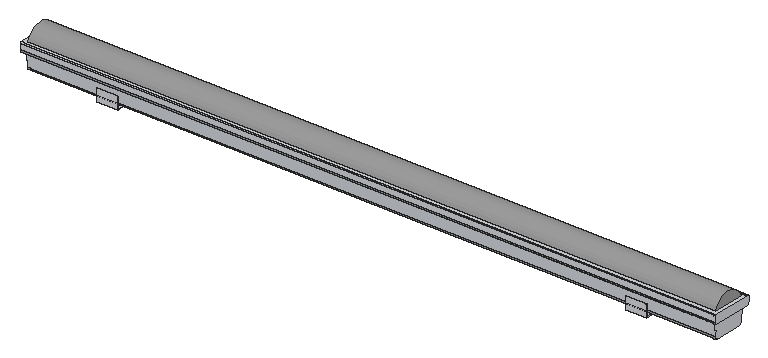
Revit family "0010272", category Lighting Fixtures, host Face, Revit 2017
Family settings
  Host = Face
  Round Connector Dimension = Use Diameter
  Part Type = Normal
  OmniClass Number = 23.80.70.00
  OmniClass Title = Lighting
  Cut with Voids When Loaded = No
  Light Source = Yes
  Shared = No
  Room Calculation Point = No
Parameters (values of type "0010272 RESISTO 1500 HE IP66 7100LM 840 EM")
  Weight = "2.58 kg"
  Wattage Comments = ""
  Wattage = 50 W
  WarrantyStartDate [instance] = "n/a"
  WarrantyGuarantorParts = "n/a"
  WarrantyDurationUnit = "n/a"
  WarrantyDurationParts = "n/a"
  WarrantyDescription = "n/a"
  WIDTH_SYL = 44.5 mm
  built-in parameter 1150110 = 1 (stored number, unit not read)
  Voltage = 0 V
  URL = "http://www.sylvania-lighting.com"
  TypeName = "Resisto 1500 HE IP66 7100lm 840 EM"
  Type Image = <None>
  Type Comments = "n/a"
  built-in parameter 1114217 = 1 (stored number, unit not read)
  Tilt Angle = -90.00°
  built-in parameter 1150109 = 1 (stored number, unit not read)
  built-in parameter 1150134 = 12
  TOP_WIDTH_SYL = 33.5 mm
  built-in parameter 1150113 = 1 (stored number, unit not read)
  SerialNumber [instance] = "n/a"
  Photometric Web File = "0010272.ies"
  Material_3_SYL = none
  PowerFactor = 0.95
  PowerConsumption = "50 W"
  NominalLength = 1500 mm
  NominalHeight = 80 mm
  NominalDepth = 87 mm
  Name = "Resisto 1500 HE IP66 7100lm 840 EM"
  ModelReference = Name  # "Resisto 1500 HE IP66 7100lm 840 EM"
  ModelNumber = "0010272"
  Model = Name  # "Resisto 1500 HE IP66 7100lm 840 EM"
  Material = "pc polycarbonate housing, pc polycarbonate diffuser"
  ManufacturerName = "Feilo Sylvania"
  Manufacturer = "Feilo Sylvania"
  MID_WIDTH_SYL = 36 mm
  LuminousEfficacy = "142 lm/W"
  built-in parameter 1150105 = 2367.5 (stored number, unit not read)
  Lumens = 7100 lm
  LuminaireType = ""
  built-in parameter 1150115 = 1 (stored number, unit not read)
  LightOutputRatio = "n/a"
  built-in parameter 1150137 = (empty or 0)
  built-in parameter 1150139 = (empty or 0)
  LampsType = Lamp  # "LED"
  LampNominalLuminous = "7100 lm"
  LampMacAdamStep = "3"
  LampColourTemperature = "4000 K"
  LampColourRenderingIndex = "80"
  built-in parameter 1150112 = 1 (stored number, unit not read)
  built-in parameter 1150114 = 1 (stored number, unit not read)
  Lamp = "LED"
  LENGHT_SYL = if(L1500_SYL, 742 mm, if(L1200_SYL, 592 mm, 317 mm))  # 742 mm
  LENGHT_CHAMFER_SYL = if(L1500_SYL, 750 mm, if(L1200_SYL, 600 mm, 325 mm))  # 750 mm
  LENGHT_650_SYL = 325 mm
  LENGHT-_SYL = if(L1500_SYL, -742 mm, if(L1200_SYL, -592 mm, -317 mm))  # -742 mm
  LENGHT-_CHAMFER_SYL = if(L1500_SYL, -750 mm, if(L1200_SYL, -600 mm, -325 mm))  # -750 mm
  LEGHT_650-_SYL = -325 mm
  LEGHT_1500_SYL = 750 mm
  LEGHT_1500-_SYL = -750 mm
  LEGHT_1200_SYL = 600 mm
  LEGHT_1200-_SYL = -600 mm
  L0650_SYL = no
  L1500_SYL = yes
  L1200_SYL = no
  Keynote = "16500"
  InstallationDate [instance] = "n/a"
  InputVoltage = "n/a"
  InputNominalFrequency = "n/a"
  built-in parameter 1150132 = (empty or 0)
  built-in parameter 1150102 = (empty or 0)
  built-in parameter 1150107 = 4000 (stored number, unit not read)
  built-in parameter 1150138 = (empty or 0)
  IngressProtection = "IP66"
  ImpactProtectionIndex = "IK08"
  built-in parameter 1150106 = 23.675 (stored number, unit not read)
  IfcExportType = "IfcLightFixtureType"
  IfcExportAs = "IfcLightFixtureType"
  Emit from Circle Diameter = 609.6 mm
  Emit Shape Visible in Rendering = no
  ElectricShockClassification = "Class I"
  built-in parameter 1150104 = 13.192 (stored number, unit not read)
  DocumentationLiterature = "http://www.sylvania-lighting.com/product/en-int/products/0010272"
  DimmingControlOptions = "n/a"
  Material_2_SYL = none
  Dimming Lamp Color Temperature Shift = <None>
  Description = "Resisto, integrated LED weatherproof luminaire, with UV stabilized flat diffuser designed to achieve uniform lit appearance, optimise light output and to reduce glare. 301 stainless steel diffuser clips and fixing brackets for surface mounting. Polycarbonate housing and diffuser - no yellow discolouration over time. 7100lm; 50W; 142lm/W; 4000K; SDCM<3; non dimmable; CRI80; IP66; IK08; Class I; 69,000hrs (L80B20) lifespan; 1500mm x 89mm x 88mm; D-mark; 3-hour maintained emergency batteries."
  Default Elevation = 1219.2 mm
  DIF_WIDHT_SYL = 35 mm
  DIF_HEIGHT_SYL = 24 mm
  CreatedOn = "3/10/2021"
  CreatedBy = "@sylvania-lighting.com"
  Cost = 0
  Color Filter = 16777215
  built-in parameter 1114216 [instance] = (empty or 0)
  ClassificationValue = "EF_70_80"
  ClassificationName = "Uniclass2015"
  Material_1_SYL = Default
  CHAMFER_SYL = 19 mm
  BarCode [instance] = "n/a"
  built-in parameter 1114218 = 1 (stored number, unit not read)
  BRACKET_WIDTH_SYL = BRACKET_DIST_SYL - 44 mm  # 550 mm
  BRACKET_HEIGHT_SYL = 9 mm
  BRACKET_DIST_SYL = LENGHT_CHAMFER_SYL - 156 mm  # 594 mm
  BODY_SYL = 36 mm
  built-in parameter 1150133 = 10 (stored number, unit not read)
  AssetType = "Fixed"
  AssetIdentifier [instance] = "n/a"
  Assembly Code = "D5020200"
  Apparent Load = 50 VA
  Material_4_SYL = none
Reference planes
  plane 1 "Center (Front/Back)": y = 0
  plane 2: z = 0
  plane 3 "Center (Left/Right)": x = 0
  plane 4: z = 9
  plane 5: z = 45
  plane 6: z = 64
  plane 7: z = 88
  plane 8: y = -44.5
  plane 9: y = 44.5
  plane 10: y = -35
  plane 11: y = 35
  plane 12: y = 33.5
  plane 13: y = -33.5
  plane 14: y = -36
  plane 15: y = 36
  plane 16: z = 1
Forms (mm)
  Extrusion 1, solid
    sketch origin (319, 1524, 1219.2) x (0, 1, 0) y (0, 0, 1)
      loop
        line (-1552.835, -1210.2) -> (-1495.165, -1210.2)
        arc (-1495.165, -1210.2) -> (-1491.754, -1208.856) -> (-1490.177, -1205.546) r 5
        line (-1490.177, -1205.546) -> (-1488.323, -1178.854) -> (-1488, -1174.2) -> (-1560, -1174.2) -> (-1559.677, -1178.854) -> (-1557.823, -1205.546)
        arc (-1557.823, -1205.546) -> (-1556.246, -1208.856) -> (-1552.835, -1210.2) r 5
    from -742 <- "LENGHT-_SYL" to 742 <- "LENGHT_SYL"
  Extrusion 2, solid, material "Default" <- "Material_1_SYL"
    sketch origin (319, 1524, 1219.2) x (0, 1, 0) y (0, 0, 1)
      loop
        arc (-1490.5, -1155.2) -> (-1524, -1131.2) -> (-1557.5, -1155.2) r 35.38
        line (-1557.5, -1155.2) -> (-1490.5, -1155.2)
    from -742 <- "LENGHT-_SYL" to 742 <- "LENGHT_SYL"
  Extrusion 3, solid
    sketch origin (319, 1524, 1219.2) x (0, 1, 0) y (0, 0, 1)
      loop
        line (-1481.5, -1155.2) -> (-1566.5, -1155.2)
        arc (-1566.5, -1155.2) -> (-1567.914, -1155.786) -> (-1568.5, -1157.2) r 2
        line (-1568.5, -1157.2) -> (-1568.5, -1169.2)
        arc (-1568.5, -1169.2) -> (-1567.036, -1172.736) -> (-1563.5, -1174.2) r 5
        line (-1563.5, -1174.2) -> (-1484.5, -1174.2)
        arc (-1484.5, -1174.2) -> (-1480.964, -1172.736) -> (-1479.5, -1169.2) r 5
        line (-1479.5, -1169.2) -> (-1479.5, -1157.2)
        arc (-1479.5, -1157.2) -> (-1480.086, -1155.786) -> (-1481.5, -1155.2) r 2
    from -750 <- "LENGHT-_CHAMFER_SYL" to 750 <- "LENGHT_CHAMFER_SYL"
  Extrusion 4, solid
    sketch origin (319, 1524, 1219.2) x (0, 1, 0) y (0, 0, 1)
      loop
        line (-1489, -1219.2) -> (-1489, -1192.216) -> (-1490.5, -1192.216) -> (-1490.5, -1218.2) -> (-1557.5, -1218.2) -> (-1557.5, -1192.172) -> (-1559, -1192.172) -> (-1559, -1219.2) -> (-1489, -1219.2)
    from 550 <- "BRACKET_WIDTH_SYL" to 594 <- "BRACKET_DIST_SYL"
  Extrusion 5, solid
    sketch origin (321, 1524, 1219.2) x (0, 1, 0) y (0, 0, -1)
      loop
        line (-1489, 1219.2) -> (-1559, 1219.2) -> (-1559, 1192.172) -> (-1557.5, 1192.172) -> (-1557.5, 1218.2) -> (-1490.5, 1218.2) -> (-1490.5, 1192.216) -> (-1489, 1192.216) -> (-1489, 1219.2)
    from 550 <- "BRACKET_WIDTH_SYL" to 594 <- "BRACKET_DIST_SYL"
Dimensions and locks
  "BRACKET_HEIGHT_SYL": plane 4 to host face
  "BODY_SYL": plane 4 to plane 5
  "CHAMFER_SYL": plane 5 to plane 6
  "DIF_HEIGHT_SYL": plane 6 to plane 7
  "WIDTH_SYL": plane 9 to plane 1 "Center (Front/Back)" to plane 8
  "DIF_WIDHT_SYL": plane 11 to plane 1 "Center (Front/Back)" to plane 10
  "TOP_WIDTH_SYL": plane 12 to plane 1 "Center (Front/Back)" to plane 13
  "MID_WIDTH_SYL": plane 15 to plane 1 "Center (Front/Back)" to plane 14
  aligned and locked: plane 2 to host face
  aligned and locked: level to host face
  aligned and locked: Extrusion 3 sketch curve to plane 6
  aligned and locked: Extrusion 3 sketch curve to plane 9
  aligned and locked: plane 5 to Extrusion 3 sketch curve
  aligned and locked: plane 8 to Extrusion 3 sketch curve
Automatic sketch dimensions
  host sketch curve to host sketch curve = 2438.4 mm  (x2)
  plane 5 to Extrusion 1 sketch curve = 0 mm
  Extrusion 1 sketch curve to plane 14 = 0 mm
  plane 4 to Extrusion 1 sketch curve = 0 mm
  Extrusion 1 sketch curve to plane 15 = 0 mm
  Extrusion 1 sketch curve to plane 14 = 0.323 mm
  plane 13 to Extrusion 1 sketch curve = 0.323 mm
  Extrusion 1 sketch curve to plane 13 = 4.665 mm
  plane 12 to Extrusion 1 sketch curve = 4.665 mm
  Extrusion 1 sketch curve to plane 12 = 0.323 mm
  plane 15 to Extrusion 1 sketch curve = 0.323 mm
  Extrusion 1 sketch curve to plane 4 = 4.654 mm  (x2)
  plane 5 to Extrusion 1 sketch curve = 4.654 mm  (x2)
  plane 6 to Extrusion 2 sketch curve = 0 mm
  Extrusion 2 sketch curve to plane 13 = 0 mm
  Extrusion 2 sketch curve to plane 1 "Center (Front/Back)" = 0 mm
  Extrusion 2 sketch curve to plane 5 = 7.62 mm
  Extrusion 3 sketch curve to plane 8 = 2 mm
  plane 14 to Extrusion 3 sketch curve = 3.5 mm
  Extrusion 3 sketch curve to plane 15 = 3.5 mm
  plane 6 to Extrusion 3 sketch curve = 2 mm
  Extrusion 4 sketch curve to level = 0 mm
  Extrusion 4 sketch curve to plane 10 = 0 mm
  Extrusion 4 sketch curve to plane 13 = 0 mm
  Extrusion 4 sketch curve to plane 12 = 0 mm
  Extrusion 4 sketch curve to plane 11 = 0 mm
  plane 16 to Extrusion 4 sketch curve = 0 mm
  Extrusion 4 sketch curve to plane 4 = 17.984 mm
  plane 5 to Extrusion 4 sketch curve = 17.972 mm
  Extrusion 5 sketch curve to level = 0 mm
  Extrusion 5 sketch curve to plane 10 = 0 mm
  Extrusion 5 sketch curve to plane 13 = 0 mm
  Extrusion 5 sketch curve to plane 12 = 0 mm
  Extrusion 5 sketch curve to plane 11 = 0 mm
  plane 16 to Extrusion 5 sketch curve = 0 mm
  Extrusion 5 sketch curve to plane 4 = 17.984 mm
  plane 5 to Extrusion 5 sketch curve = 17.972 mm
Connectors
  electrical at (-423, 0, 27)
    settings: on Extrusion 1, index 1, voltage 0 V, apparent load 0 VA, apparent load phase1 0 VA, apparent load phase2 0 VA, apparent load phase3 0 VA, power factor 1, load classification "Other", number of poles 1, system type 31, power factor state 1, is connector primary yes, connector utility no, sub classification motor no, connector description ""
Types (60, lengths in mm): name | Weight | Wattage | TypeName | built-in parameter 1150134 | Photometric Web File | PowerFactor | PowerConsumption | NominalLength | Name | ModelReference | ModelNumber | Model | LuminousEfficacy | built-in parameter 1150105 | Lumens | LampNominalLuminous | LampMacAdamStep | LampColourTemperature | LENGHT_SYL | LENGHT_CHAMFER_SYL | LENGHT-_SYL | LENGHT-_CHAMFER_SYL | L0650_SYL | L1500_SYL | L1200_SYL | built-in parameter 1150107 | built-in parameter 1150106 | built-in parameter 1150104 | DocumentationLiterature | Description | BRACKET_WIDTH_SYL | BRACKET_DIST_SYL | Apparent Load
  0010278 RESISTO 1500 HE IP66 8300LM 840 | "1.95 kg" | 54 W | "Resisto 1500 HE IP66 8300lm 840" | 12 | "0010278.ies" | 0.95 | "54 W" | 1500 | "Resisto 1500 HE IP66 8300lm 840" | "Resisto 1500 HE IP66 8300lm 840" | "0010278" | "Resisto 1500 HE IP66 8300lm 840" | "154 lm/W" | 2674.3 (stored number, unit not read) | 8316 lm | "8300 lm" | "3" | "4000 K" | 742 | 750 | -742 | -750 | no | yes | no | 4000 (stored number, unit not read) | 26.743 (stored number, unit not read) | 14.307 (stored number, unit not read) | "http://www.sylvania-lighting.com/product/en-int/products/0010278" | "Resisto, integrated LED weatherproof luminaire, with UV stabilized flat diffuser designed to achieve uniform lit appearance, optimise light output and to reduce glare. 301 stainless steel diffuser clips and fixing brackets for surface mounting. Polycarbonate housing and diffuser - no yellow discolouration over time. 8300lm; 54W; 154lm/W; 4000K; SDCM<3; non dimmable; CRI80; IP66; IK08; Class I; 69,000hrs (L80B20) lifespan; 1500mm x 89mm x 88mm; D-mark." | 550 | 594 | 54 VA
  0010274 RESISTO 1500 HE IP66 DALI 7100LM 840 | "2.01 kg" | 46 W | "Resisto 1500 HE IP66 DALI 7100lm 840" | 12 | "0010274.ies" | 0.98 | "46 W" | 1500 | "Resisto 1500 HE IP66 DALI 7100lm 840" | "Resisto 1500 HE IP66 DALI 7100lm 840" | "0010274" | "Resisto 1500 HE IP66 DALI 7100lm 840" | "154 lm/W" | 2362.2 (stored number, unit not read) | 7084 lm | "7100 lm" | "3" | "4000 K" | 742 | 750 | -742 | -750 | no | yes | no | 4000 (stored number, unit not read) | 23.622 (stored number, unit not read) | 14.307 (stored number, unit not read) | "http://www.sylvania-lighting.com/product/en-int/products/0010274" | "Resisto, integrated LED weatherproof luminaire, with UV stabilized flat diffuser designed to achieve uniform lit appearance, optimise light output and to reduce glare. 301 stainless steel diffuser clips and fixing brackets for surface mounting. Polycarbonate housing and diffuser - no yellow discolouration over time. 7100lm; 46W; 154lm/W; 4000K; SDCM<3; DALI dimmable; CRI80; IP66; IK08; Class I; 69,000hrs (L80B20) lifespan; 1500mm x 89mm x 88mm; D-mark." | 550 | 594 | 46 VA
  0010273 RESISTO 1500 HE IP66 DALI 4000LM 840 | "1.95 kg" | 25 W | "Resisto 1500 HE IP66 DALI 4000lm 840" | 12 | "0010273.ies" | 0.98 | "25 W" | 1500 | "Resisto 1500 HE IP66 DALI 4000lm 840" | "Resisto 1500 HE IP66 DALI 4000lm 840" | "0010273" | "Resisto 1500 HE IP66 DALI 4000lm 840" | "160 lm/W" | 1286.3 (stored number, unit not read) | 4000 lm | "4000 lm" | "3" | "4000 K" | 742 | 750 | -742 | -750 | no | yes | no | 4000 (stored number, unit not read) | 12.863 (stored number, unit not read) | 14.864 (stored number, unit not read) | "http://www.sylvania-lighting.com/product/en-int/products/0010273" | "Resisto, integrated LED weatherproof luminaire, with UV stabilized flat diffuser designed to achieve uniform lit appearance, optimise light output and to reduce glare. 301 stainless steel diffuser clips and fixing brackets for surface mounting. Polycarbonate housing and diffuser - no yellow discolouration over time. 4000lm; 25W; 160lm/W; 4000K; SDCM<3; DALI dimmable; CRI80; IP66; IK08; Class I; 69,000hrs (L80B20) lifespan; 1500mm x 89mm x 88mm; D-mark." | 550 | 594 | 25 VA
  0010272 RESISTO 1500 HE IP66 7100LM 840 EM | "2.58 kg" | 50 W | "Resisto 1500 HE IP66 7100lm 840 EM" | 12 | "0010272.ies" | 0.95 | "50 W" | 1500 | "Resisto 1500 HE IP66 7100lm 840 EM" | "Resisto 1500 HE IP66 7100lm 840 EM" | "0010272" | "Resisto 1500 HE IP66 7100lm 840 EM" | "142 lm/W" | 2367.5 (stored number, unit not read) | 7100 lm | "7100 lm" | "3" | "4000 K" | 742 | 750 | -742 | -750 | no | yes | no | 4000 (stored number, unit not read) | 23.675 (stored number, unit not read) | 13.192 (stored number, unit not read) | "http://www.sylvania-lighting.com/product/en-int/products/0010272" | "Resisto, integrated LED weatherproof luminaire, with UV stabilized flat diffuser designed to achieve uniform lit appearance, optimise light output and to reduce glare. 301 stainless steel diffuser clips and fixing brackets for surface mounting. Polycarbonate housing and diffuser - no yellow discolouration over time. 7100lm; 50W; 142lm/W; 4000K; SDCM<3; non dimmable; CRI80; IP66; IK08; Class I; 69,000hrs (L80B20) lifespan; 1500mm x 89mm x 88mm; D-mark; 3-hour maintained emergency batteries." | 550 | 594 | 50 VA
  0010271 RESISTO 1500 HE IP66 4000LM 840 EM | "2.51 kg" | 29 W | "Resisto 1500 HE IP66 4000lm 840 EM" | 12 | "0010271.ies" | 0.95 | "29 W" | 1500 | "Resisto 1500 HE IP66 4000lm 840 EM" | "Resisto 1500 HE IP66 4000lm 840 EM" | "0010271" | "Resisto 1500 HE IP66 4000lm 840 EM" | "138 lm/W" | 1287 (stored number, unit not read) | 4002 lm | "4000 lm" | "3" | "4000 K" | 742 | 750 | -742 | -750 | no | yes | no | 4000 (stored number, unit not read) | 12.87 (stored number, unit not read) | 12.821 (stored number, unit not read) | "http://www.sylvania-lighting.com/product/en-int/products/0010271" | "Resisto, integrated LED weatherproof luminaire, with UV stabilized flat diffuser designed to achieve uniform lit appearance, optimise light output and to reduce glare. 301 stainless steel diffuser clips and fixing brackets for surface mounting. Polycarbonate housing and diffuser - no yellow discolouration over time. 4000lm; 29W; 138lm/W; 4000K; SDCM<3; non dimmable; CRI80; IP66; IK08; Class I; 69,000hrs (L80B20) lifespan; 1500mm x 89mm x 88mm; D-mark; 3-hour maintained emergency batteries." | 550 | 594 | 29 VA
  0010269 RESISTO 1500 HE IP66 7100LM 840 | "1.95 kg" | 46 W | "Resisto  1500 HE IP66 7100lm 840" | 12 | "0010269.ies" | 0.95 | "46 W" | 1500 | "Resisto  1500 HE IP66 7100lm 840" | "Resisto  1500 HE IP66 7100lm 840" | "0010269" | "Resisto  1500 HE IP66 7100lm 840" | "154 lm/W" | 2362.2 (stored number, unit not read) | 7084 lm | "7100 lm" | "3" | "4000 K" | 742 | 750 | -742 | -750 | no | yes | no | 4000 (stored number, unit not read) | 23.622 (stored number, unit not read) | 14.307 (stored number, unit not read) | "http://www.sylvania-lighting.com/product/en-int/products/0010269" | "Resisto, integrated LED weatherproof luminaire, with UV stabilized flat diffuser designed to achieve uniform lit appearance, optimise light output and to reduce glare. 301 stainless steel diffuser clips and fixing brackets for surface mounting. Polycarbonate housing and diffuser - no yellow discolouration over time. 7100lm; 46W; 154lm/W; 4000K; SDCM<3; non dimmable; CRI80; IP66; IK08; Class I; 69,000hrs (L80B20) lifespan; 1500mm x 89mm x 88mm; D-mark." | 550 | 594 | 46 VA
  0010268 RESISTO 1500 HE IP66 4000LM 840 | "1.87 kg" | 25 W | "Resisto  1500 HE IP66 4000lm 840" | 12 | "0010268.ies" | 0.95 | "25 W" | 1500 | "Resisto  1500 HE IP66 4000lm 840" | "Resisto  1500 HE IP66 4000lm 840" | "0010268" | "Resisto  1500 HE IP66 4000lm 840" | "160 lm/W" | 1286.3 (stored number, unit not read) | 4000 lm | "4000 lm" | "3" | "4000 K" | 742 | 750 | -742 | -750 | no | yes | no | 4000 (stored number, unit not read) | 12.863 (stored number, unit not read) | 14.864 (stored number, unit not read) | "http://www.sylvania-lighting.com/product/en-int/products/0010268" | "Resisto, integrated LED weatherproof luminaire, with UV stabilized flat diffuser designed to achieve uniform lit appearance, optimise light output and to reduce glare. 301 stainless steel diffuser clips and fixing brackets for surface mounting. Polycarbonate housing and diffuser - no yellow discolouration over time. 4000lm; 25W; 160lm/W; 4000K; SDCM<3; non dimmable; CRI80; IP66; IK08; Class I; 69,000hrs (L80B20) lifespan; 1500mm x 89mm x 88mm; D-mark." | 550 | 594 | 25 VA
  0010261 RESISTO 1500 IP66 DALI 8300LM 840 | "2.01 kg" | 61 W | "Resisto  1500 IP66 DALI 8300lm 840" | 12 | "0010261.ies" | 0.99 | "61 W" | 1500 | "Resisto  1500 IP66 DALI 8300lm 840" | "Resisto  1500 IP66 DALI 8300lm 840" | "0010261" | "Resisto  1500 IP66 DALI 8300lm 840" | "136 lm/W" | 2792.8 (stored number, unit not read) | 8296 lm | "8300 lm" | "5" | "4000 K" | 742 | 750 | -742 | -750 | no | yes | no | 4000 (stored number, unit not read) | 27.928 (stored number, unit not read) | 12.635 (stored number, unit not read) | "http://www.sylvania-lighting.com/product/en-int/products/0010261" | "Resisto, integrated LED weatherproof luminaire, with UV stabilized flat diffuser designed to achieve uniform lit appearance, optimise light output and to reduce glare. 301 stainless steel diffuser clips and fixing brackets for surface mounting. Polycarbonate housing and diffuser - no yellow discolouration over time. 8300lm; 61W; 136lm/W; 4000K; SDCM<5; DALI dimmable; CRI80; IP66; IK08; Class I; 69,000hrs (L80B20) lifespan; 1500mm x 89mm x 88mm; D-mark." | 550 | 594 | 61 VA
  0010260 RESISTO 1500 IP66 DALI 7100LM 840 | "2.01 kg" | 52 W | "Resisto  1500 IP66 DALI 7100lm 840" | 12 | "0010260.ies" | 0.99 | "52 W" | 1500 | "Resisto  1500 IP66 DALI 7100lm 840" | "Resisto  1500 IP66 DALI 7100lm 840" | "0010260" | "Resisto  1500 IP66 DALI 7100lm 840" | "137 lm/W" | 2375.5 (stored number, unit not read) | 7124 lm | "7100 lm" | "5" | "4000 K" | 742 | 750 | -742 | -750 | no | yes | no | 4000 (stored number, unit not read) | 23.755 (stored number, unit not read) | 12.728 (stored number, unit not read) | "http://www.sylvania-lighting.com/product/en-int/products/0010260" | "Resisto, integrated LED weatherproof luminaire, with UV stabilized flat diffuser designed to achieve uniform lit appearance, optimise light output and to reduce glare. 301 stainless steel diffuser clips and fixing brackets for surface mounting. Polycarbonate housing and diffuser - no yellow discolouration over time. 7100lm; 52W; 137lm/W; 4000K; SDCM<5; DALI dimmable; CRI80; IP66; IK08; Class I; 69,000hrs (L80B20) lifespan; 1500mm x 89mm x 88mm; D-mark." | 550 | 594 | 52 VA
  0010259 RESISTO 1500 IP66 DALI 4000LM 840 | "1.95 kg" | 30 W | "Resisto  1500 IP66 DALI 4000lm 840" | 12 | "0010259.ies" | 0.98 | "30 W" | 1500 | "Resisto  1500 IP66 DALI 4000lm 840" | "Resisto  1500 IP66 DALI 4000lm 840" | "0010259" | "Resisto  1500 IP66 DALI 4000lm 840" | "133 lm/W" | 1283.1 (stored number, unit not read) | 3990 lm | "4000 lm" | "5" | "4000 K" | 742 | 750 | -742 | -750 | no | yes | no | 4000 (stored number, unit not read) | 12.831 (stored number, unit not read) | 12.356 (stored number, unit not read) | "http://www.sylvania-lighting.com/product/en-int/products/0010259" | "Resisto, integrated LED weatherproof luminaire, with UV stabilized flat diffuser designed to achieve uniform lit appearance, optimise light output and to reduce glare. 301 stainless steel diffuser clips and fixing brackets for surface mounting. Polycarbonate housing and diffuser - no yellow discolouration over time. 4000lm; 30W; 133lm/W; 4000K; SDCM<5; DALI dimmable; CRI80; IP66; IK08; Class I; 69,000hrs (L80B20) lifespan; 1500mm x 89mm x 88mm; D-mark." | 550 | 594 | 30 VA
  0010258 RESISTO 1500 IP66 MWCOR 7100LM 840 | "2.06 kg" | 52 W | "Resisto  1500 IP66 MWcor 7100lm 840" | 12 | "0010258.ies" | 0.99 | "52 W" | 1500 | "Resisto  1500 IP66 MWcor 7100lm 840" | "Resisto  1500 IP66 MWcor 7100lm 840" | "0010258" | "Resisto  1500 IP66 MWcor 7100lm 840" | "137 lm/W" | 2375.5 (stored number, unit not read) | 7124 lm | "7100 lm" | "5" | "4000 K" | 742 | 750 | -742 | -750 | no | yes | no | 4000 (stored number, unit not read) | 23.755 (stored number, unit not read) | 12.728 (stored number, unit not read) | "http://www.sylvania-lighting.com/product/en-int/products/0010258" | "Resisto, integrated LED weatherproof luminaire, with UV stabilized flat diffuser designed to achieve uniform lit appearance, optimise light output and to reduce glare. 301 stainless steel diffuser clips and fixing brackets for surface mounting. Polycarbonate housing and diffuser - no yellow discolouration over time. 7100lm; 52W; 137lm/W; 4000K; SDCM<5; non dimmable; CRI80; IP66; IK08; Class I; 69,000hrs (L80B20) lifespan; 1500mm x 89mm x 88mm; D-mark; corridor function with microwave presence sensor." | 550 | 594 | 52 VA
  0010257 RESISTO 1500 IP66 MWCOR 4000LM 840 | "2.0 kg" | 30 W | "Resisto  1500 IP66 MWcor 4000lm 840" | 12 | "0010257.ies" | 0.98 | "30 W" | 1500 | "Resisto  1500 IP66 MWcor 4000lm 840" | "Resisto  1500 IP66 MWcor 4000lm 840" | "0010257" | "Resisto  1500 IP66 MWcor 4000lm 840" | "133 lm/W" | 1283.1 (stored number, unit not read) | 3990 lm | "4000 lm" | "5" | "4000 K" | 742 | 750 | -742 | -750 | no | yes | no | 4000 (stored number, unit not read) | 12.831 (stored number, unit not read) | 12.356 (stored number, unit not read) | "http://www.sylvania-lighting.com/product/en-int/products/0010257" | "Resisto, integrated LED weatherproof luminaire, with UV stabilized flat diffuser designed to achieve uniform lit appearance, optimise light output and to reduce glare. 301 stainless steel diffuser clips and fixing brackets for surface mounting. Polycarbonate housing and diffuser - no yellow discolouration over time. 4000lm; 30W; 133lm/W; 4000K; SDCM<5; non dimmable; CRI80; IP66; IK08; Class I; 69,000hrs (L80B20) lifespan; 1500mm x 89mm x 88mm; D-mark; corridor function with microwave presence sensor." | 550 | 594 | 30 VA
  0010256 RESISTO 1500 IP66 MW 7100LM 840 | "2.0 kg" | 52 W | "Resisto  1500 IP66 MW 7100lm 840" | 12 | "0010256.ies" | 0.95 | "52 W" | 1500 | "Resisto  1500 IP66 MW 7100lm 840" | "Resisto  1500 IP66 MW 7100lm 840" | "0010256" | "Resisto  1500 IP66 MW 7100lm 840" | "137 lm/W" | 2375.5 (stored number, unit not read) | 7124 lm | "7100 lm" | "5" | "4000 K" | 742 | 750 | -742 | -750 | no | yes | no | 4000 (stored number, unit not read) | 23.755 (stored number, unit not read) | 12.728 (stored number, unit not read) | "http://www.sylvania-lighting.com/product/en-int/products/0010256" | "Resisto, integrated LED weatherproof luminaire, with UV stabilized flat diffuser designed to achieve uniform lit appearance, optimise light output and to reduce glare. 301 stainless steel diffuser clips and fixing brackets for surface mounting. Polycarbonate housing and diffuser - no yellow discolouration over time. 7100lm; 52W; 137lm/W; 4000K; SDCM<5; non dimmable; CRI80; IP66; IK08; Class I; 69,000hrs (L80B20) lifespan; 1500mm x 89mm x 88mm; D-mark; MW On/Off." | 550 | 594 | 52 VA
  0010255 RESISTO 1500 IP66 MW 4000LM 840 | "1.92 kg" | 30 W | "Resisto  1500 IP66 MW 4000lm 840" | 12 | "0010255.ies" | 0.95 | "30 W" | 1500 | "Resisto  1500 IP66 MW 4000lm 840" | "Resisto  1500 IP66 MW 4000lm 840" | "0010255" | "Resisto  1500 IP66 MW 4000lm 840" | "133 lm/W" | 1283.1 (stored number, unit not read) | 3990 lm | "4000 lm" | "5" | "4000 K" | 742 | 750 | -742 | -750 | no | yes | no | 4000 (stored number, unit not read) | 12.831 (stored number, unit not read) | 12.356 (stored number, unit not read) | "http://www.sylvania-lighting.com/product/en-int/products/0010255" | "Resisto, integrated LED weatherproof luminaire, with UV stabilized flat diffuser designed to achieve uniform lit appearance, optimise light output and to reduce glare. 301 stainless steel diffuser clips and fixing brackets for surface mounting. Polycarbonate housing and diffuser - no yellow discolouration over time. 4000lm; 30W; 133lm/W; 4000K; SDCM<5; non dimmable; CRI80; IP66; IK08; Class I; 69,000hrs (L80B20) lifespan; 1500mm x 89mm x 88mm; D-mark; MW On/Off." | 550 | 594 | 30 VA
  0010254 RESISTO 1500 IP66 7100LM 840 EM | "2.59 kg" | 56 W | "Resisto  1500 IP66 7100lm 840 EM" | 12 | "0010254.ies" | 0.95 | "56 W" | 1500 | "Resisto  1500 IP66 7100lm 840 EM" | "Resisto  1500 IP66 7100lm 840 EM" | "0010254" | "Resisto  1500 IP66 7100lm 840 EM" | "127 lm/W" | 2371.5 (stored number, unit not read) | 7112 lm | "7100 lm" | "5" | "4000 K" | 742 | 750 | -742 | -750 | no | yes | no | 4000 (stored number, unit not read) | 23.715 (stored number, unit not read) | 11.799 (stored number, unit not read) | "http://www.sylvania-lighting.com/product/en-int/products/0010254" | "Resisto, integrated LED weatherproof luminaire, with UV stabilized flat diffuser designed to achieve uniform lit appearance, optimise light output and to reduce glare. 301 stainless steel diffuser clips and fixing brackets for surface mounting. Polycarbonate housing and diffuser - no yellow discolouration over time. 7100lm; 56W; 127lm/W; 4000K; SDCM<5; non dimmable; CRI80; IP66; IK08; Class I; 69,000hrs (L80B20) lifespan; 1500mm x 89mm x 88mm; D-mark; 3-hour maintained emergency batteries." | 550 | 594 | 56 VA
  0010253 RESISTO 1500 IP66 4000LM 840 EM | "2.5 kg" | 34 W | "Resisto  1500 IP66 4000lm 840 EM" | 12 | "0010253.ies" | 0.95 | "34 W" | 1500 | "Resisto  1500 IP66 4000lm 840 EM" | "Resisto  1500 IP66 4000lm 840 EM" | "0010253" | "Resisto  1500 IP66 4000lm 840 EM" | "118 lm/W" | 1290.2 (stored number, unit not read) | 4012 lm | "4000 lm" | "5" | "4000 K" | 742 | 750 | -742 | -750 | no | yes | no | 4000 (stored number, unit not read) | 12.902 (stored number, unit not read) | 10.963 (stored number, unit not read) | "http://www.sylvania-lighting.com/product/en-int/products/0010253" | "Resisto, integrated LED weatherproof luminaire, with UV stabilized flat diffuser designed to achieve uniform lit appearance, optimise light output and to reduce glare. 301 stainless steel diffuser clips and fixing brackets for surface mounting. Polycarbonate housing and diffuser - no yellow discolouration over time. 4000lm; 34W; 118lm/W; 4000K; SDCM<5; non dimmable; CRI80; IP66; IK08; Class I; 69,000hrs (L80B20) lifespan; 1500mm x 89mm x 88mm; D-mark; 3-hour maintained emergency batteries." | 550 | 594 | 34 VA
  0010252 RESISTO 1500 IP66 7100LM 840 5XTH | "2.18 kg" | 52 W | "Resisto 1500 IP66 7100lm 840 5xTH" | 12 | "0010252.ies" | 0.95 | "52 W" | 1500 | "Resisto 1500 IP66 7100lm 840 5xTH" | "Resisto 1500 IP66 7100lm 840 5xTH" | "0010252" | "Resisto 1500 IP66 7100lm 840 5xTH" | "137 lm/W" | 2375.5 (stored number, unit not read) | 7124 lm | "7100 lm" | "5" | "4000 K" | 742 | 750 | -742 | -750 | no | yes | no | 4000 (stored number, unit not read) | 23.755 (stored number, unit not read) | 12.728 (stored number, unit not read) | "http://www.sylvania-lighting.com/product/en-int/products/0010252" | "Resisto, integrated LED weatherproof luminaire, with UV stabilized flat diffuser designed to achieve uniform lit appearance, optimise light output and to reduce glare. 301 stainless steel diffuser clips and fixing brackets for surface mounting. Polycarbonate housing and diffuser - no yellow discolouration over time. 7100lm; 52W; 137lm/W; 4000K; SDCM<5; non dimmable; CRI80; IP66; IK08; Class I; 69,000hrs (L80B20) lifespan; 1500mm x 89mm x 88mm; D-mark; through wiring." | 550 | 594 | 52 VA
  0010251 RESISTO 1500 IP66 4000LM 840 5XTH | "2.1 kg" | 30 W | "Resisto 1500 IP66 4000lm 840 5xTH" | 12 | "0010251.ies" | 0.95 | "30 W" | 1500 | "Resisto 1500 IP66 4000lm 840 5xTH" | "Resisto 1500 IP66 4000lm 840 5xTH" | "0010251" | "Resisto 1500 IP66 4000lm 840 5xTH" | "133 lm/W" | 1283.1 (stored number, unit not read) | 3990 lm | "4000 lm" | "5" | "4000 K" | 742 | 750 | -742 | -750 | no | yes | no | 4000 (stored number, unit not read) | 12.831 (stored number, unit not read) | 12.356 (stored number, unit not read) | "http://www.sylvania-lighting.com/product/en-int/products/0010251" | "Resisto, integrated LED weatherproof luminaire, with UV stabilized flat diffuser designed to achieve uniform lit appearance, optimise light output and to reduce glare. 301 stainless steel diffuser clips and fixing brackets for surface mounting. Polycarbonate housing and diffuser - no yellow discolouration over time. 4000lm; 30W; 133lm/W; 4000K; SDCM<5; non dimmable; CRI80; IP66; IK08; Class I; 69,000hrs (L80B20) lifespan; 1500mm x 89mm x 88mm; D-mark; through wiring." | 550 | 594 | 30 VA
  0010250 RESISTO 1500 IP66 7100LM 840 QC | "2.02 kg" | 52 W | "Resisto  1500 IP66 7100lm 840 QC" | 12 | "0010250.ies" | 0.95 | "52 W" | 1512 | "Resisto  1500 IP66 7100lm 840 QC" | "Resisto  1500 IP66 7100lm 840 QC" | "0010250" | "Resisto  1500 IP66 7100lm 840 QC" | "137 lm/W" | 2375.5 (stored number, unit not read) | 7124 lm | "7100 lm" | "5" | "4000 K" | 742 | 750 | -742 | -750 | no | yes | no | 4000 (stored number, unit not read) | 23.755 (stored number, unit not read) | 12.728 (stored number, unit not read) | "http://www.sylvania-lighting.com/product/en-int/products/0010250" | "Resisto, integrated LED weatherproof luminaire, with UV stabilized flat diffuser designed to achieve uniform lit appearance, optimise light output and to reduce glare. 301 stainless steel diffuser clips and fixing brackets for surface mounting. Polycarbonate housing and diffuser - no yellow discolouration over time. 7100lm; 52W; 137lm/W; 4000K; SDCM<5; non dimmable; CRI80; IP66; IK08; Class I; 69,000hrs (L80B20) lifespan; 1500mm x 89mm x 88mm; D-mark; assembled with quick connector." | 550 | 594 | 52 VA
  0010249 RESISTO 1500 IP66 4000LM 840 QC | "1.94 kg" | 30 W | "Resisto  1500 IP66 4000lm 840 QC" | 12 | "0010249.ies" | 0.95 | "30 W" | 1512 | "Resisto  1500 IP66 4000lm 840 QC" | "Resisto  1500 IP66 4000lm 840 QC" | "0010249" | "Resisto  1500 IP66 4000lm 840 QC" | "133 lm/W" | 1283.1 (stored number, unit not read) | 3990 lm | "4000 lm" | "5" | "4000 K" | 742 | 750 | -742 | -750 | no | yes | no | 4000 (stored number, unit not read) | 12.831 (stored number, unit not read) | 12.356 (stored number, unit not read) | "http://www.sylvania-lighting.com/product/en-int/products/0010249" | "Resisto, integrated LED weatherproof luminaire, with UV stabilized flat diffuser designed to achieve uniform lit appearance, optimise light output and to reduce glare. 301 stainless steel diffuser clips and fixing brackets for surface mounting. Polycarbonate housing and diffuser - no yellow discolouration over time. 4000lm; 30W; 133lm/W; 4000K; SDCM<5; non dimmable; CRI80; IP66; IK08; Class I; 69,000hrs (L80B20) lifespan; 1500mm x 89mm x 88mm; D-mark; assembled with quick connector." | 550 | 594 | 30 VA
  0010248 RESISTO 1500 IP66 8300LM 865 | "1.95 kg" | 61 W | "Resisto  1500 IP66 8300lm 865" | 1 | "0010248.ies" | 0.95 | "61 W" | 1500 | "Resisto  1500 IP66 8300lm 865" | "Resisto  1500 IP66 8300lm 865" | "0010248" | "Resisto  1500 IP66 8300lm 865" | "136 lm/W" | 2792.8 (stored number, unit not read) | 8296 lm | "8300 lm" | "5" | "6500 K" | 742 | 750 | -742 | -750 | no | yes | no | 6500 (stored number, unit not read) | 27.928 (stored number, unit not read) | 12.635 (stored number, unit not read) | "http://www.sylvania-lighting.com/product/en-int/products/0010248" | "Resisto, integrated LED weatherproof luminaire, with UV stabilized flat diffuser designed to achieve uniform lit appearance, optimise light output and to reduce glare. 301 stainless steel diffuser clips and fixing brackets for surface mounting. Polycarbonate housing and diffuser - no yellow discolouration over time. 8300lm; 61W; 136lm/W; 6500K; SDCM<5; non dimmable; CRI80; IP66; IK08; Class I; 69,000hrs (L80B20) lifespan; 1500mm x 89mm x 88mm; D-mark." | 550 | 594 | 61 VA
  0010247 RESISTO 1500 IP66 7100LM 865 | "1.95 kg" | 52 W | "Resisto  1500 IP66 7100lm 865" | 1 | "0010247.ies" | 0.95 | "52 W" | 1500 | "Resisto  1500 IP66 7100lm 865" | "Resisto  1500 IP66 7100lm 865" | "0010247" | "Resisto  1500 IP66 7100lm 865" | "137 lm/W" | 2375.5 (stored number, unit not read) | 7124 lm | "7100 lm" | "5" | "6500 K" | 742 | 750 | -742 | -750 | no | yes | no | 6500 (stored number, unit not read) | 23.755 (stored number, unit not read) | 12.728 (stored number, unit not read) | "http://www.sylvania-lighting.com/product/en-int/products/0010247" | "Resisto, integrated LED weatherproof luminaire, with UV stabilized flat diffuser designed to achieve uniform lit appearance, optimise light output and to reduce glare. 301 stainless steel diffuser clips and fixing brackets for surface mounting. Polycarbonate housing and diffuser - no yellow discolouration over time. 7100lm; 52W; 137lm/W; 6500K; SDCM<5; non dimmable; CRI80; IP66; IK08; Class I; 69,000hrs (L80B20) lifespan; 1500mm x 89mm x 88mm; D-mark." | 550 | 594 | 52 VA
  0010246 RESISTO 1500 IP66 4000LM 865 | "1.87 kg" | 30 W | "Resisto  1500 IP66 4000lm 865" | 1 | "0010246.ies" | 0.95 | "30 W" | 1500 | "Resisto  1500 IP66 4000lm 865" | "Resisto  1500 IP66 4000lm 865" | "0010246" | "Resisto  1500 IP66 4000lm 865" | "133 lm/W" | 1283.1 (stored number, unit not read) | 3990 lm | "4000 lm" | "5" | "6500 K" | 742 | 750 | -742 | -750 | no | yes | no | 6500 (stored number, unit not read) | 12.831 (stored number, unit not read) | 12.356 (stored number, unit not read) | "http://www.sylvania-lighting.com/product/en-int/products/0010246" | "Resisto, integrated LED weatherproof luminaire, with UV stabilized flat diffuser designed to achieve uniform lit appearance, optimise light output and to reduce glare. 301 stainless steel diffuser clips and fixing brackets for surface mounting. Polycarbonate housing and diffuser - no yellow discolouration over time. 4000lm; 30W; 133lm/W; 6500K; SDCM<5; non dimmable; CRI80; IP66; IK08; Class I; 69,000hrs (L80B20) lifespan; 1500mm x 89mm x 88mm; D-mark." | 550 | 594 | 30 VA
  0010245 RESISTO 1500 IP66 8300LM 840 | "15.48 kg" | 61 W | "Resisto  1500 IP66 8300lm 840" | 12 | "0010245.ies" | 0.95 | "61.0 W" | 1500 | "Resisto  1500 IP66 8300lm 840" | "Resisto  1500 IP66 8300lm 840" | "0010245" | "Resisto  1500 IP66 8300lm 840" | "136 lm/W" | -23179853.6 (stored number, unit not read) | 8296 lm | "8300 lm" | "5" | "4000 K" | 742 | 750 | -742 | -750 | no | yes | no | 4000 (stored number, unit not read) | -231798.5 (stored number, unit not read) | 12.635 (stored number, unit not read) | "http://www.sylvania-lighting.com/product/en-int/products/0010245" | "Resisto, integrated LED weatherproof luminaire, with UV stabilized flat diffuser designed to achieve uniform lit appearance, optimise light output and to reduce glare. 301 stainless steel diffuser clips and fixing brackets for surface mounting. Polycarbonate housing and diffuser - no yellow discolouration over time. 8300lm; 61W; 136lm/W; 4000K; SDCM<5; non dimmable; CRI80; IP66; IK08; Class I; 69,000hrs (L80B20) lifespan; 1500mm x 89mm x 88mm; D-mark." | 550 | 594 | 61 VA
  0010244 RESISTO 1500 IP66 7100LM 840 | "15.48 kg" | 52 W | "Resisto  1500 IP66 7100lm 840" | 12 | "0010244.ies" | 0.95 | "52.0 W" | 1500 | "Resisto  1500 IP66 7100lm 840" | "Resisto  1500 IP66 7100lm 840" | "0010244" | "Resisto  1500 IP66 7100lm 840" | "137 lm/W" | -16865856.3 (stored number, unit not read) | 7124 lm | "7100 lm" | "5" | "4000 K" | 742 | 750 | -742 | -750 | no | yes | no | 4000 (stored number, unit not read) | -168658.6 (stored number, unit not read) | 12.728 (stored number, unit not read) | "http://www.sylvania-lighting.com/product/en-int/products/0010244" | "Resisto, integrated LED weatherproof luminaire, with UV stabilized flat diffuser designed to achieve uniform lit appearance, optimise light output and to reduce glare. 301 stainless steel diffuser clips and fixing brackets for surface mounting. Polycarbonate housing and diffuser - no yellow discolouration over time. 7100lm; 52W; 137lm/W; 4000K; SDCM<5; non dimmable; CRI80; IP66; IK08; Class I; 69,000hrs (L80B20) lifespan; 1500mm x 89mm x 88mm; D-mark." | 550 | 594 | 52 VA
  0010243 RESISTO 1500 IP66 4000LM 840 | "1.87 kg" | 30 W | "Resisto  1500 IP66 4000lm 840" | 12 | "0010243.ies" | 0.95 | "30 W" | 1500 | "Resisto  1500 IP66 4000lm 840" | "Resisto  1500 IP66 4000lm 840" | "0010243" | "Resisto  1500 IP66 4000lm 840" | "133 lm/W" | 1283.1 (stored number, unit not read) | 3990 lm | "4000 lm" | "5" | "4000 K" | 742 | 750 | -742 | -750 | no | yes | no | 4000 (stored number, unit not read) | 12.831 (stored number, unit not read) | 12.356 (stored number, unit not read) | "http://www.sylvania-lighting.com/product/en-int/products/0010243" | "Resisto, integrated LED weatherproof luminaire, with UV stabilized flat diffuser designed to achieve uniform lit appearance, optimise light output and to reduce glare. 301 stainless steel diffuser clips and fixing brackets for surface mounting. Polycarbonate housing and diffuser - no yellow discolouration over time. 4000lm; 30W; 133lm/W; 4000K; SDCM<5; non dimmable; CRI80; IP66; IK08; Class I; 69,000hrs (L80B20) lifespan; 1500mm x 89mm x 88mm; D-mark." | 550 | 594 | 30 VA
  0010242 RESISTO 1500 IP66 8300LM 830 | "1.95 kg" | 61 W | "Resisto  1500 IP66 8300lm 830" | (empty or 0) | "0010242.ies" | 0.95 | "61 W" | 1500 | "Resisto  1500 IP66 8300lm 830" | "Resisto  1500 IP66 8300lm 830" | "0010242" | "Resisto  1500 IP66 8300lm 830" | "136 lm/W" | 2792.8 (stored number, unit not read) | 8296 lm | "8300 lm" | "5" | "3000 K" | 742 | 750 | -742 | -750 | no | yes | no | 3000 (stored number, unit not read) | 27.928 (stored number, unit not read) | 12.635 (stored number, unit not read) | "http://www.sylvania-lighting.com/product/en-int/products/0010242" | "Resisto, integrated LED weatherproof luminaire, with UV stabilized flat diffuser designed to achieve uniform lit appearance, optimise light output and to reduce glare. 301 stainless steel diffuser clips and fixing brackets for surface mounting. Polycarbonate housing and diffuser - no yellow discolouration over time. 8300lm; 61W; 136lm/W; 3000K; SDCM<5; non dimmable; CRI80; IP66; IK08; Class I; 69,000hrs (L80B20) lifespan; 1500mm x 89mm x 88mm; D-mark." | 550 | 594 | 61 VA
  0010241 RESISTO 1500 IP66 7100LM 830 | "1.95 kg" | 52 W | "Resisto  1500 IP66 7100lm 830" | (empty or 0) | "0010241.ies" | 0.95 | "52 W" | 1500 | "Resisto  1500 IP66 7100lm 830" | "Resisto  1500 IP66 7100lm 830" | "0010241" | "Resisto  1500 IP66 7100lm 830" | "137 lm/W" | 2375.5 (stored number, unit not read) | 7124 lm | "7100 lm" | "5" | "3000 K" | 742 | 750 | -742 | -750 | no | yes | no | 3000 (stored number, unit not read) | 23.755 (stored number, unit not read) | 12.728 (stored number, unit not read) | "http://www.sylvania-lighting.com/product/en-int/products/0010241" | "Resisto, integrated LED weatherproof luminaire, with UV stabilized flat diffuser designed to achieve uniform lit appearance, optimise light output and to reduce glare. 301 stainless steel diffuser clips and fixing brackets for surface mounting. Polycarbonate housing and diffuser - no yellow discolouration over time. 7100lm; 52W; 137lm/W; 3000K; SDCM<5; non dimmable; CRI80; IP66; IK08; Class I; 69,000hrs (L80B20) lifespan; 1500mm x 89mm x 88mm; D-mark." | 550 | 594 | 52 VA
  0010240 RESISTO 1500 IP66 4000LM 830 | "1.87 kg" | 30 W | "Resisto  1500 IP66 4000lm 830" | (empty or 0) | "0010240.ies" | 0.95 | "30 W" | 1500 | "Resisto  1500 IP66 4000lm 830" | "Resisto  1500 IP66 4000lm 830" | "0010240" | "Resisto  1500 IP66 4000lm 830" | "133 lm/W" | 1283.1 (stored number, unit not read) | 3990 lm | "4000 lm" | "5" | "3000 K" | 742 | 750 | -742 | -750 | no | yes | no | 3000 (stored number, unit not read) | 12.831 (stored number, unit not read) | 12.356 (stored number, unit not read) | "http://www.sylvania-lighting.com/product/en-int/products/0010240" | "Resisto, integrated LED weatherproof luminaire, with UV stabilized flat diffuser designed to achieve uniform lit appearance, optimise light output and to reduce glare. 301 stainless steel diffuser clips and fixing brackets for surface mounting. Polycarbonate housing and diffuser - no yellow discolouration over time. 4000lm; 30W; 133lm/W; 3000K; SDCM<5; non dimmable; CRI80; IP66; IK08; Class I; 69,000hrs (L80B20) lifespan; 1500mm x 89mm x 88mm; D-mark." | 550 | 594 | 30 VA
  0010237 RESISTO 1200 HE IP66 DALI 4800LM 840 | "1.59 kg" | 31 W | "Resisto  1200 HE IP66 DALI 4800lm 840" | 12 | "0010237.ies" | 0.98 | "31 W" | 1200 | "Resisto  1200 HE IP66 DALI 4800lm 840" | "Resisto  1200 HE IP66 DALI 4800lm 840" | "0010237" | "Resisto  1200 HE IP66 DALI 4800lm 840" | "155 lm/W" | 1587 (stored number, unit not read) | 4805 lm | "4800 lm" | "3" | "4000 K" | 592 | 600 | -592 | -600 | no | no | yes | 4000 (stored number, unit not read) | 15.87 (stored number, unit not read) | 14.4 (stored number, unit not read) | "http://www.sylvania-lighting.com/product/en-int/products/0010237" | "Resisto, integrated LED weatherproof luminaire, with UV stabilized flat diffuser designed to achieve uniform lit appearance, optimise light output and to reduce glare. 301 stainless steel diffuser clips and fixing brackets for surface mounting. Polycarbonate housing and diffuser - no yellow discolouration over time. 4800lm; 31W; 155lm/W; 4000K; SDCM<3; DALI dimmable; CRI80; IP66; IK08; Class I; 69,000hrs (L80B20) lifespan; 1200mm x 89mm x 88mm; D-mark." | 400 | 444 | 31 VA
  0010236 RESISTO 1200 HE IP66 DALI 2800LM 840 | "1.51 kg" | 18 W | "Resisto  1200 HE IP66 DALI 2800lm 840" | 12 | "0010236.ies" | 0.98 | "18 W" | 1200 | "Resisto  1200 HE IP66 DALI 2800lm 840" | "Resisto  1200 HE IP66 DALI 2800lm 840" | "0010236" | "Resisto  1200 HE IP66 DALI 2800lm 840" | "156 lm/W" | 922.88 (stored number, unit not read) | 2808 lm | "2800 lm" | "3" | "4000 K" | 592 | 600 | -592 | -600 | no | no | yes | 4000 (stored number, unit not read) | 9.2288 (stored number, unit not read) | 14.493 (stored number, unit not read) | "http://www.sylvania-lighting.com/product/en-int/products/0010236" | "Resisto, integrated LED weatherproof luminaire, with UV stabilized flat diffuser designed to achieve uniform lit appearance, optimise light output and to reduce glare. 301 stainless steel diffuser clips and fixing brackets for surface mounting. Polycarbonate housing and diffuser - no yellow discolouration over time. 2800lm; 18W; 156lm/W; 4000K; SDCM<3; DALI dimmable; CRI80; IP66; IK08; Class I; 69,000hrs (L80B20) lifespan; 1200mm x 89mm x 88mm; D-mark." | 400 | 444 | 18 VA
  0010235 RESISTO 1200 HE IP66 4800LM 840 EM | "2.12 kg" | 35 W | "Resisto  1200 HE IP66 4800lm 840 EM" | 12 | "0010235.ies" | 0.95 | "35 W" | 1200 | "Resisto  1200 HE IP66 4800lm 840 EM" | "Resisto  1200 HE IP66 4800lm 840 EM" | "0010235" | "Resisto  1200 HE IP66 4800lm 840 EM" | "137 lm/W" | 1583.6 (stored number, unit not read) | 4795 lm | "4800 lm" | "3" | "4000 K" | 592 | 600 | -592 | -600 | no | no | yes | 4000 (stored number, unit not read) | 15.836 (stored number, unit not read) | 12.728 (stored number, unit not read) | "http://www.sylvania-lighting.com/product/en-int/products/0010235" | "Resisto, integrated LED weatherproof luminaire, with UV stabilized flat diffuser designed to achieve uniform lit appearance, optimise light output and to reduce glare. 301 stainless steel diffuser clips and fixing brackets for surface mounting. Polycarbonate housing and diffuser - no yellow discolouration over time. 4800lm; 35W; 137lm/W; 4000K; SDCM<3; non dimmable; CRI80; IP66; IK08; Class I; 69,000hrs (L80B20) lifespan; 1200mm x 89mm x 88mm; D-mark; 3-hour maintained emergency batteries." | 400 | 444 | 35 VA
  0010234 RESISTO 1200 HE IP66 2800LM 840 EM | "2.12 kg" | 22 W | "Resisto  1200 HE IP66 2800lm 840 EM" | 12 | "0010234.ies" | 0.95 | "22 W" | 1200 | "Resisto  1200 HE IP66 2800lm 840 EM" | "Resisto  1200 HE IP66 2800lm 840 EM" | "0010234" | "Resisto  1200 HE IP66 2800lm 840 EM" | "127 lm/W" | 918.28 (stored number, unit not read) | 2794 lm | "2800 lm" | "3" | "4000 K" | 592 | 600 | -592 | -600 | no | no | yes | 4000 (stored number, unit not read) | 9.1828 (stored number, unit not read) | 11.799 (stored number, unit not read) | "http://www.sylvania-lighting.com/product/en-int/products/0010234" | "Resisto, integrated LED weatherproof luminaire, with UV stabilized flat diffuser designed to achieve uniform lit appearance, optimise light output and to reduce glare. 301 stainless steel diffuser clips and fixing brackets for surface mounting. Polycarbonate housing and diffuser - no yellow discolouration over time. 2800lm; 22W; 127lm/W; 4000K; SDCM<3; non dimmable; CRI80; IP66; IK08; Class I; 69,000hrs (L80B20) lifespan; 1200mm x 89mm x 88mm; D-mark; 3-hour maintained emergency batteries." | 400 | 444 | 22 VA
  0010233 RESISTO 1200 HE IP66 4800LM 840 | "1.51 kg" | 31 W | "Resisto  1200 HE IP66 4800lm 840" | 12 | "0010233.ies" | 0.95 | "31 W" | 1200 | "Resisto  1200 HE IP66 4800lm 840" | "Resisto  1200 HE IP66 4800lm 840" | "0010233" | "Resisto  1200 HE IP66 4800lm 840" | "155 lm/W" | 1587 (stored number, unit not read) | 4805 lm | "4800 lm" | "3" | "4000 K" | 592 | 600 | -592 | -600 | no | no | yes | 4000 (stored number, unit not read) | 15.87 (stored number, unit not read) | 14.4 (stored number, unit not read) | "http://www.sylvania-lighting.com/product/en-int/products/0010233" | "Resisto, integrated LED weatherproof luminaire, with UV stabilized flat diffuser designed to achieve uniform lit appearance, optimise light output and to reduce glare. 301 stainless steel diffuser clips and fixing brackets for surface mounting. Polycarbonate housing and diffuser - no yellow discolouration over time. 4800lm; 31W; 155lm/W; 4000K; SDCM<3; non dimmable; CRI80; IP66; IK08; Class I; 69,000hrs (L80B20) lifespan; 1200mm x 89mm x 88mm; D-mark." | 400 | 444 | 31 VA
  0010232 RESISTO 1200 HE IP66 2800LM 840 | "1.5 kg" | 18 W | "Resisto  1200 HE IP66 2800lm 840" | 12 | "0010232.ies" | 0.95 | "18 W" | 1200 | "Resisto  1200 HE IP66 2800lm 840" | "Resisto  1200 HE IP66 2800lm 840" | "0010232" | "Resisto  1200 HE IP66 2800lm 840" | "156 lm/W" | 922.88 (stored number, unit not read) | 2808 lm | "2800 lm" | "3" | "4000 K" | 592 | 600 | -592 | -600 | no | no | yes | 4000 (stored number, unit not read) | 9.2288 (stored number, unit not read) | 14.493 (stored number, unit not read) | "http://www.sylvania-lighting.com/product/en-int/products/0010232" | "Resisto, integrated LED weatherproof luminaire, with UV stabilized flat diffuser designed to achieve uniform lit appearance, optimise light output and to reduce glare. 301 stainless steel diffuser clips and fixing brackets for surface mounting. Polycarbonate housing and diffuser - no yellow discolouration over time. 2800lm; 18W; 156lm/W; 4000K; SDCM<3; non dimmable; CRI80; IP66; IK08; Class I; 69,000hrs (L80B20) lifespan; 1200mm x 89mm x 88mm; D-mark." | 400 | 444 | 18 VA
  0010225 RESISTO 1200 IP66 DALI 4800LM 840 | "1.62 kg" | 35 W | "Resisto  1200 IP66 DALI 4800lm 840" | 12 | "0010225.ies" | 0.98 | "35 W" | 1200 | "Resisto  1200 IP66 DALI 4800lm 840" | "Resisto  1200 IP66 DALI 4800lm 840" | "0010225" | "Resisto  1200 IP66 DALI 4800lm 840" | "137 lm/W" | 1583.6 (stored number, unit not read) | 4795 lm | "4800 lm" | "5" | "4000 K" | 592 | 600 | -592 | -600 | no | no | yes | 4000 (stored number, unit not read) | 15.836 (stored number, unit not read) | 12.728 (stored number, unit not read) | "http://www.sylvania-lighting.com/product/en-int/products/0010225" | "Resisto, integrated LED weatherproof luminaire, with UV stabilized flat diffuser designed to achieve uniform lit appearance, optimise light output and to reduce glare. 301 stainless steel diffuser clips and fixing brackets for surface mounting. Polycarbonate housing and diffuser - no yellow discolouration over time. 4800lm; 35W; 137lm/W; 4000K; SDCM<5; DALI dimmable; CRI80; IP66; IK08; Class I; 69,000hrs (L80B20) lifespan; 1200mm x 89mm x 88mm; D-mark." | 400 | 444 | 35 VA
  0010224 RESISTO 1200 IP66 DALI 2800LM 840 | "1.59 kg" | 21 W | "Resisto  1200 IP66 DALI 2800lm 840" | 12 | "0010224.ies" | 0.98 | "21 W" | 1200 | "Resisto  1200 IP66 DALI 2800lm 840" | "Resisto  1200 IP66 DALI 2800lm 840" | "0010224" | "Resisto  1200 IP66 DALI 2800lm 840" | "133 lm/W" | 917.95 (stored number, unit not read) | 2793 lm | "2800 lm" | "5" | "4000 K" | 592 | 600 | -592 | -600 | no | no | yes | 4000 (stored number, unit not read) | 9.1795 (stored number, unit not read) | 12.356 (stored number, unit not read) | "http://www.sylvania-lighting.com/product/en-int/products/0010224" | "Resisto, integrated LED weatherproof luminaire, with UV stabilized flat diffuser designed to achieve uniform lit appearance, optimise light output and to reduce glare. 301 stainless steel diffuser clips and fixing brackets for surface mounting. Polycarbonate housing and diffuser - no yellow discolouration over time. 2800lm; 21W; 133lm/W; 4000K; SDCM<5; DALI dimmable; CRI80; IP66; IK08; Class I; 69,000hrs (L80B20) lifespan; 1200mm x 89mm x 88mm; D-mark." | 400 | 444 | 21 VA
  0010223 RESISTO 1200 IP66 MWCOR 4800LM 840 | "1.72 kg" | 35 W | "Resisto  1200 IP66 MWcor 4800lm 840" | 12 | "0010223.ies" | 0.98 | "35 W" | 1200 | "Resisto  1200 IP66 MWcor 4800lm 840" | "Resisto  1200 IP66 MWcor 4800lm 840" | "0010223" | "Resisto  1200 IP66 MWcor 4800lm 840" | "137 lm/W" | 1583.6 (stored number, unit not read) | 4795 lm | "4800 lm" | "5" | "4000 K" | 592 | 600 | -592 | -600 | no | no | yes | 4000 (stored number, unit not read) | 15.836 (stored number, unit not read) | 12.728 (stored number, unit not read) | "http://www.sylvania-lighting.com/product/en-int/products/0010223" | "Resisto, integrated LED weatherproof luminaire, with UV stabilized flat diffuser designed to achieve uniform lit appearance, optimise light output and to reduce glare. 301 stainless steel diffuser clips and fixing brackets for surface mounting. Polycarbonate housing and diffuser - no yellow discolouration over time. 4800lm; 35W; 137lm/W; 4000K; SDCM<5; non dimmable; CRI80; IP66; IK08; Class I; 69,000hrs (L80B20) lifespan; 1200mm x 89mm x 88mm; D-mark; corridor function with microwave presence sensor." | 400 | 444 | 35 VA
  0010222 RESISTO 1200 IP66 MWCOR 2800LM 840 | "1.64 kg" | 21 W | "Resisto  1200 IP66 MWcor 2800lm 840" | 12 | "0010222.ies" | 0.98 | "21 W" | 1200 | "Resisto  1200 IP66 MWcor 2800lm 840" | "Resisto  1200 IP66 MWcor 2800lm 840" | "0010222" | "Resisto  1200 IP66 MWcor 2800lm 840" | "133 lm/W" | 917.95 (stored number, unit not read) | 2793 lm | "2800 lm" | "5" | "4000 K" | 592 | 600 | -592 | -600 | no | no | yes | 4000 (stored number, unit not read) | 9.1795 (stored number, unit not read) | 12.356 (stored number, unit not read) | "http://www.sylvania-lighting.com/product/en-int/products/0010222" | "Resisto, integrated LED weatherproof luminaire, with UV stabilized flat diffuser designed to achieve uniform lit appearance, optimise light output and to reduce glare. 301 stainless steel diffuser clips and fixing brackets for surface mounting. Polycarbonate housing and diffuser - no yellow discolouration over time. 2800lm; 21W; 133lm/W; 4000K; SDCM<5; non dimmable; CRI80; IP66; IK08; Class I; 69,000hrs (L80B20) lifespan; 1200mm x 89mm x 88mm; D-mark; corridor function with microwave presence sensor." | 400 | 444 | 21 VA
  0010221 RESISTO 1200 IP66 MW 4800LM 840 | "1.59 kg" | 35 W | "Resisto  1200 IP66 MW 4800lm 840" | 12 | "0010221.ies" | 0.95 | "35 W" | 1200 | "Resisto  1200 IP66 MW 4800lm 840" | "Resisto  1200 IP66 MW 4800lm 840" | "0010221" | "Resisto  1200 IP66 MW 4800lm 840" | "137 lm/W" | 1583.6 (stored number, unit not read) | 4795 lm | "4800 lm" | "5" | "4000 K" | 592 | 600 | -592 | -600 | no | no | yes | 4000 (stored number, unit not read) | 15.836 (stored number, unit not read) | 12.728 (stored number, unit not read) | "http://www.sylvania-lighting.com/product/en-int/products/0010221" | "Resisto, integrated LED weatherproof luminaire, with UV stabilized flat diffuser designed to achieve uniform lit appearance, optimise light output and to reduce glare. 301 stainless steel diffuser clips and fixing brackets for surface mounting. Polycarbonate housing and diffuser - no yellow discolouration over time. 4800lm; 35W; 137lm/W; 4000K; SDCM<5; non dimmable; CRI80; IP66; IK08; Class I; 69,000hrs (L80B20) lifespan; 1200mm x 89mm x 88mm; D-mark; MW On/Off." | 400 | 444 | 35 VA
  0010220 RESISTO 1200 IP66 MW 2800LM 840 | "1.55 kg" | 21 W | "Resisto  1200 IP66 MW 2800lm 840" | 12 | "0010220.ies" | 0.95 | "21 W" | 1200 | "Resisto  1200 IP66 MW 2800lm 840" | "Resisto  1200 IP66 MW 2800lm 840" | "0010220" | "Resisto  1200 IP66 MW 2800lm 840" | "133 lm/W" | 917.95 (stored number, unit not read) | 2793 lm | "2800 lm" | "5" | "4000 K" | 592 | 600 | -592 | -600 | no | no | yes | 4000 (stored number, unit not read) | 9.1795 (stored number, unit not read) | 12.356 (stored number, unit not read) | "http://www.sylvania-lighting.com/product/en-int/products/0010220" | "Resisto, integrated LED weatherproof luminaire, with UV stabilized flat diffuser designed to achieve uniform lit appearance, optimise light output and to reduce glare. 301 stainless steel diffuser clips and fixing brackets for surface mounting. Polycarbonate housing and diffuser - no yellow discolouration over time. 2800lm; 21W; 133lm/W; 4000K; SDCM<5; non dimmable; CRI80; IP66; IK08; Class I; 69,000hrs (L80B20) lifespan; 1200mm x 89mm x 88mm; D-mark; MW On/Off." | 400 | 444 | 21 VA
  0010219 RESISTO 1200 IP66 4800LM 840 EM | "2.16 kg" | 39 W | "Resisto  1200 IP66 4800lm 840 EM" | 12 | "0010219.ies" | 0.95 | "39 W" | 1200 | "Resisto  1200 IP66 4800lm 840 EM" | "Resisto  1200 IP66 4800lm 840 EM" | "0010219" | "Resisto  1200 IP66 4800lm 840 EM" | "123 lm/W" | 1584.3 (stored number, unit not read) | 4797 lm | "4800 lm" | "5" | "4000 K" | 592 | 600 | -592 | -600 | no | no | yes | 4000 (stored number, unit not read) | 15.843 (stored number, unit not read) | 11.427 (stored number, unit not read) | "http://www.sylvania-lighting.com/product/en-int/products/0010219" | "Resisto, integrated LED weatherproof luminaire, with UV stabilized flat diffuser designed to achieve uniform lit appearance, optimise light output and to reduce glare. 301 stainless steel diffuser clips and fixing brackets for surface mounting. Polycarbonate housing and diffuser - no yellow discolouration over time. 4800lm; 39W; 123lm/W; 4000K; SDCM<5; non dimmable; CRI80; IP66; IK08; Class I; 69,000hrs (L80B20) lifespan; 1200mm x 89mm x 88mm; D-mark; 3-hour maintained emergency batteries." | 400 | 444 | 39 VA
  0010218 RESISTO 1200 IP66 2800LM 840 EM | "2.12 kg" | 25 W | "Resisto  1200 IP66 2800lm 840 EM" | 12 | "0010218.ies" | 0.95 | "25 W" | 1200 | "Resisto  1200 IP66 2800lm 840 EM" | "Resisto  1200 IP66 2800lm 840 EM" | "0010218" | "Resisto  1200 IP66 2800lm 840 EM" | "112 lm/W" | 920.25 (stored number, unit not read) | 2800 lm | "2800 lm" | "5" | "4000 K" | 592 | 600 | -592 | -600 | no | no | yes | 4000 (stored number, unit not read) | 9.2025 (stored number, unit not read) | 10.405 (stored number, unit not read) | "http://www.sylvania-lighting.com/product/en-int/products/0010218" | "Resisto, integrated LED weatherproof luminaire, with UV stabilized flat diffuser designed to achieve uniform lit appearance, optimise light output and to reduce glare. 301 stainless steel diffuser clips and fixing brackets for surface mounting. Polycarbonate housing and diffuser - no yellow discolouration over time. 2800lm; 25W; 112lm/W; 4000K; SDCM<5; non dimmable; CRI80; IP66; IK08; Class I; 69,000hrs (L80B20) lifespan; 1200mm x 89mm x 88mm; D-mark; 3-hour maintained emergency batteries." | 400 | 444 | 25 VA
  0010217 RESISTO 1200 IP66 4800LM 840 5XTH | "1.72 kg" | 35 W | "Resisto 1200 IP66 4800lm 840 5xTH" | 12 | "0010217.ies" | 0.95 | "35 W" | 1200 | "Resisto 1200 IP66 4800lm 840 5xTH" | "Resisto 1200 IP66 4800lm 840 5xTH" | "0010217" | "Resisto 1200 IP66 4800lm 840 5xTH" | "137 lm/W" | 1583.6 (stored number, unit not read) | 4795 lm | "4800 lm" | "5" | "4000 K" | 592 | 600 | -592 | -600 | no | no | yes | 4000 (stored number, unit not read) | 15.836 (stored number, unit not read) | 12.728 (stored number, unit not read) | "http://www.sylvania-lighting.com/product/en-int/products/0010217" | "Resisto, integrated LED weatherproof luminaire, with UV stabilized flat diffuser designed to achieve uniform lit appearance, optimise light output and to reduce glare. 301 stainless steel diffuser clips and fixing brackets for surface mounting. Polycarbonate housing and diffuser - no yellow discolouration over time. 4800lm; 35W; 137lm/W; 4000K; SDCM<5; non dimmable; CRI80; IP66; IK08; Class I; 69,000hrs (L80B20) lifespan; 1200mm x 89mm x 88mm; D-mark; through wiring." | 400 | 444 | 35 VA
  0010216 RESISTO 1200 IP66 2800LM 840 5XTH | "1.68 kg" | 21 W | "Resisto 1200 IP66 2800lm 840 5xTH" | 12 | "0010216.ies" | 0.95 | "21 W" | 1200 | "Resisto 1200 IP66 2800lm 840 5xTH" | "Resisto 1200 IP66 2800lm 840 5xTH" | "0010216" | "Resisto 1200 IP66 2800lm 840 5xTH" | "133 lm/W" | 917.95 (stored number, unit not read) | 2793 lm | "2800 lm" | "5" | "4000 K" | 592 | 600 | -592 | -600 | no | no | yes | 4000 (stored number, unit not read) | 9.1795 (stored number, unit not read) | 12.356 (stored number, unit not read) | "http://www.sylvania-lighting.com/product/en-int/products/0010216" | "Resisto, integrated LED weatherproof luminaire, with UV stabilized flat diffuser designed to achieve uniform lit appearance, optimise light output and to reduce glare. 301 stainless steel diffuser clips and fixing brackets for surface mounting. Polycarbonate housing and diffuser - no yellow discolouration over time. 2800lm; 21W; 133lm/W; 4000K; SDCM<5; non dimmable; CRI80; IP66; IK08; Class I; 69,000hrs (L80B20) lifespan; 1200mm x 89mm x 88mm; D-mark; through wiring." | 400 | 444 | 21 VA
